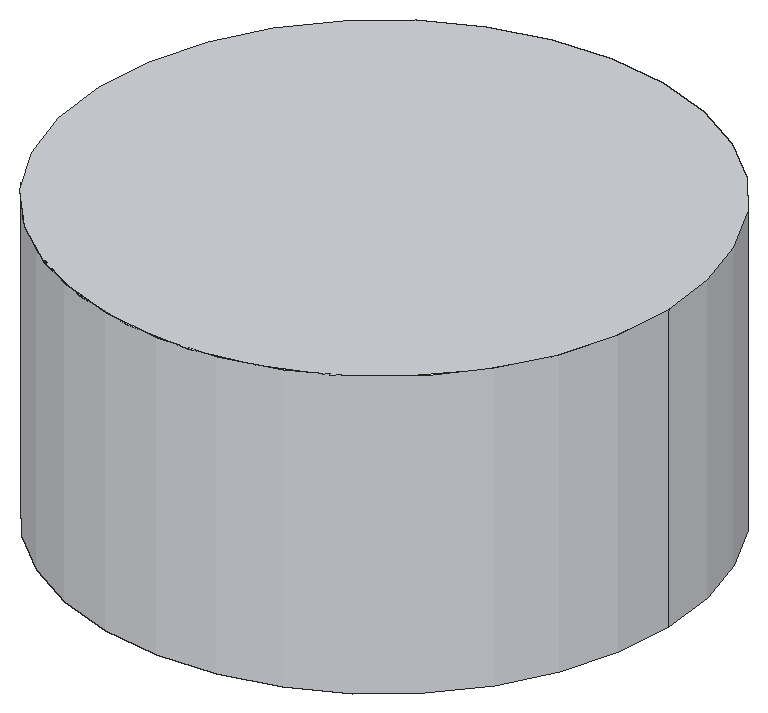
Revit family "ASF-18-C2", category Mechanical Equipment, Revit 2023
Family settings
  Round Connector Dimension = Use Diameter
  Classification = None
  Part Type = Normal
  OmniClass Number = 23.75.00.00
  OmniClass Title = Climate Control (HVAC)
  Work Plane-Based = No
  Always vertical = Yes
  Cut with Voids When Loaded = No
  Maintain Annotation Orientation = No
  Shared = No
  Room Calculation Point = No
Parameters (values of type "Standard")
  Volume = 0.0969175 CF
  Title = "Aura Solar Attic Fan - 18\" Diameter, 2\" Tall Collar"
  Subject = "ASF-18-C2"
  Requested Accuracy = "Low"
  Part Number = "ASF-18-C2"
  Mass = 11.7744 lbm
  Designer = "CAD Machine"
  Design State = 1
  Density = 121.489 lb/ft³
  Default Elevation = 0' - 0"
  Creation Date = "11/21/2022"
  Connector_1_Diameter = 1' - 5 3/4"
  Center of Gravity = "X: -0.021 in Y: -4.720 in Z: -0.041 in"
  Author = "CAD Machine"
  Area = 59.1001 SF
Reference planes (in)
  plane 1 "Center (Front/Back)": y = 0
  plane 2: z = 0
  plane 3 "Center (Left/Right)": x = 0
Forms (in)
  Extrusion 1, solid
    sketch origin (0, 0, -11.51341) x (1, 0, 0) y (0, 1, 0)
      loop
        circle (0, 0) r 0.12
    from 0 to -0.12
Dimensions and locks (in)
  aligned and locked: plane 2 to level
Connectors (in)
  hvac at (0, 0, -11.51341), driven by "Connector_1_Diameter"
    settings: on Extrusion 1, index 1, duct flow 0 CFM, flow factor 0, pres drop 0.00 in-wg, loss coef 0, conn angle 0.00°, conn width 12", conn height 12", conn diameter 17 3/4", duct sys type 3, conn prof type 0, flow config 1, flow direction 1, loss method 0, conn ref index -1, conn util no, is conn primary yes, conn desc ""
